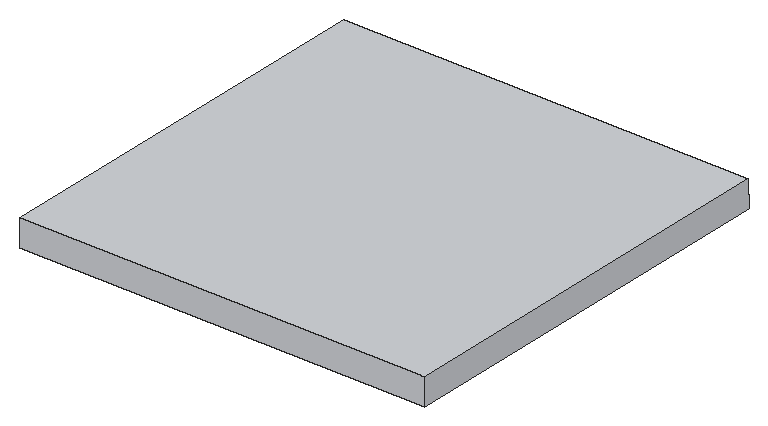
Revit family "1724_ TUPEX ELECTRIC_QXP", category Lighting Fixtures, host Face, Revit 2016
Family settings
  Host = Face
  Part Type = Normal
  Round Connector Dimension = Use Diameter
  Cut with Voids When Loaded = No
  Light Source = Yes
  Shared = No
  Room Calculation Point = Yes
Parameters
  width = 600 mm
  volt = 220 V
  length = 600 mm
  depth = 20 mm
  Wattage = 43 W
  built-in parameter 1150110 = 1 (stored number, unit not read)
  built-in parameter 1114217 = 1 (stored number, unit not read)
  Tilt Angle = 60.00°
  built-in parameter 1150109 = 1 (stored number, unit not read)
  built-in parameter 1150134 = 3
  built-in parameter 1150113 = 1 (stored number, unit not read)
  Photometric Web File = "1724.IES"
  built-in parameter 1150105 = 318.23 (stored number, unit not read)
  Lumens = 3999 lm
  built-in parameter 1150115 = 1 (stored number, unit not read)
  built-in parameter 1150137 = (empty or 0)
  built-in parameter 1150139 = (empty or 0)
  built-in parameter 1150112 = 1 (stored number, unit not read)
  built-in parameter 1150114 = 1 (stored number, unit not read)
  built-in parameter 1150132 = (empty or 0)
  built-in parameter 1150102 = (empty or 0)
  built-in parameter 1150107 = 3200 (stored number, unit not read)
  built-in parameter 1150138 = (empty or 0)
  built-in parameter 1150106 = 3.1823 (stored number, unit not read)
  built-in parameter 1150104 = 8.64 (stored number, unit not read)
  Dimming Lamp Color Temperature Shift = (empty or 0)
  Default Elevation = 1219.2 mm
  Color Filter = 16777215
  built-in parameter 1114218 = 1 (stored number, unit not read)
  built-in parameter 1150133 = 10 (stored number, unit not read)
Reference planes
  plane 1 "Center (Front/Back)": y = 0
  plane 2: z = 0
  plane 3 "Center (Left/Right)": x = 0
  plane 4: x = 600
  plane 5: y = -600
  plane 6: z = 20
  plane 7: z = -20
  plane 8: y = -300
  plane 9: x = 300
Forms (mm)
  Extrusion 1, solid
    sketch origin (0, 0, 0) x (1, 0, 0) y (0, 0, 1)
      loop
        line (600, 20) -> (0, 20) -> (0, -20) -> (600, -20) -> (600, 20)
    from 0 to 600
Dimensions and locks
  "width": plane 3 "Center (Left/Right)" to plane 4
  "length": plane 5 to plane 1 "Center (Front/Back)"
  "depth": level to plane 6
  plane 7 to level = 20 mm
  aligned and locked: plane 2 to host face
  aligned and locked: level to host face
Automatic sketch dimensions
  host sketch curve to host sketch curve = 2438.4 mm  (x2)
  Extrusion 1 sketch curve to plane 6 = 0 mm
  Extrusion 1 sketch curve to plane 7 = 0 mm
  Extrusion 1 sketch curve to plane 3 "Center (Left/Right)" = 0 mm
  Extrusion 1 sketch curve to plane 4 = 0 mm
Connectors
  electrical at (300, -300, 20), driven by "volt"
    settings: on Extrusion 1, index 1, voltage 220 V, apparent load 0 VA, apparent load phase1 36 VA, apparent load phase2 0 VA, apparent load phase3 0 VA, power factor 1, load classification "Lighting", number of poles 1, system type 31, power factor state 1, is connector primary yes, connector utility no, sub classification motor no, connector description ""
